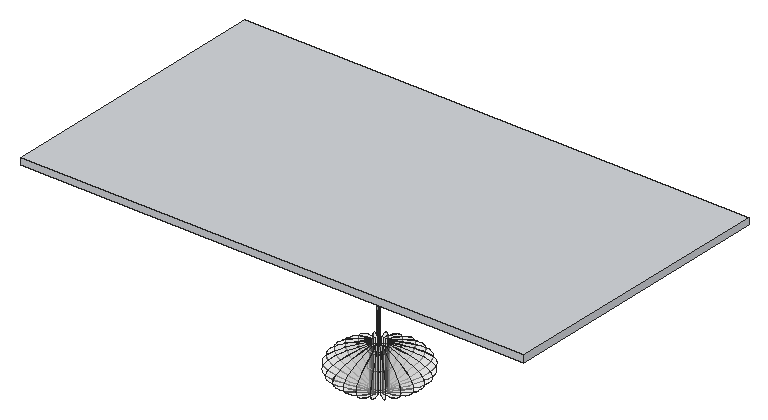
Revit family "Contour - Roundover Large", category Lighting Fixtures, host Face, Revit 2014 (continued)
Forms (in)
  Extrusion 45, solid, material "1/8" VARIA" <- "Shade", not visible, detail levels medium+fine
    sketch origin (0, 0.58355, -50) x (0, 0, 1) y (0, -1, 0)
      loop
        arc (3.57967, 7.38644) -> (2.84351, 9.61297) -> (2.03145, 11.81297) r 68.39599
        arc (2.03145, 11.81297) -> (1.2415, 13.69461) -> (0.35214, 15.53137) r 38.18262
        arc (0.35214, 15.53137) -> (-0.43007, 16.88035) -> (-1.33751, 18.14848) r 16.31199
        arc (-1.33751, 18.14848) -> (-1.96355, 18.83096) -> (-2.67398, 19.42508) r 7.01979
        arc (-2.67398, 19.42508) -> (-4.42257, 19.99564) -> (-6.17139, 19.42578) r 2.96657
        arc (-6.17139, 19.42578) -> (-6.77662, 18.92563) -> (-7.31772, 18.35672) r 6.55644
        arc (-7.31772, 18.35672) -> (-8.41521, 16.87699) -> (-9.32057, 15.2725) r 14.81578
        arc (-9.32057, 15.2725) -> (-10.4861, 12.77867) -> (-11.47029, 10.20786) r 38.46623
        arc (-11.47029, 10.20786) -> (-12.00594, 8.65554) -> (-12.50528, 7.09116) r 70.47991
        arc (-12.50528, 7.09116) -> (-12.80844, 6.14056) -> (-13.08851, 5.18292) r 41.23486
        arc (-13.08851, 5.18292) -> (-13.23601, 4.66111) -> (-13.3867, 4.14021) r 88.54263
        arc (-13.3867, 4.14021) -> (-13.38633, 4.04988) -> (-13.35319, 3.96585) r 0.24447
        line (-13.35319, 3.96585) -> (4.54113, 3.96585)
        arc (4.54113, 3.96585) -> (4.55282, 4.06417) -> (4.54113, 4.16249) r 0.41938
    from 0.0625 to -0.0625
  Extrusion 46, solid, material "1/8" VARIA" <- "Shade", not visible, detail levels medium+fine
    sketch origin (0.15103, 0.56366, -50) x (0, 0, 1) y (-0.258819, -0.965926, 0)
      loop
        arc (4.54113, 4.16249) -> (4.07932, 5.7801) -> (3.57967, 7.38644) r 71.68602
        arc (3.57967, 7.38644) -> (2.84351, 9.61297) -> (2.03145, 11.81297) r 68.39599
        arc (2.03145, 11.81297) -> (1.2415, 13.69461) -> (0.35214, 15.53137) r 38.18262
        arc (0.35214, 15.53137) -> (-0.43007, 16.88035) -> (-1.33751, 18.14848) r 16.31199
        arc (-1.33751, 18.14848) -> (-1.96355, 18.83096) -> (-2.67398, 19.42508) r 7.01979
        arc (-2.67398, 19.42508) -> (-4.42257, 19.99564) -> (-6.17139, 19.42578) r 2.96657
        arc (-6.17139, 19.42578) -> (-6.77662, 18.92563) -> (-7.31772, 18.35672) r 6.55644
        arc (-7.31772, 18.35672) -> (-8.41521, 16.87699) -> (-9.32057, 15.2725) r 14.81578
        arc (-9.32057, 15.2725) -> (-10.4861, 12.77867) -> (-11.47029, 10.20786) r 38.46623
        arc (-11.47029, 10.20786) -> (-12.00594, 8.65554) -> (-12.50528, 7.09116) r 70.47991
        arc (-12.50528, 7.09116) -> (-12.80844, 6.14056) -> (-13.08851, 5.18292) r 41.23486
        arc (-13.08851, 5.18292) -> (-13.23601, 4.66111) -> (-13.3867, 4.14021) r 88.54263
        arc (-13.3867, 4.14021) -> (-13.38633, 4.04988) -> (-13.35319, 3.96585) r 0.24447
        line (-13.35319, 3.96585) -> (4.54113, 3.96585)
        arc (4.54113, 3.96585) -> (4.55282, 4.06417) -> (4.54113, 4.16249) r 0.41938
    from 0.0625 to -0.0625
  Extrusion 47, solid, material "1/8" VARIA" <- "Shade", not visible, detail levels medium+fine
    sketch origin (0.29177, 0.50537, -50) x (0, 0, 1) y (-0.5, -0.866025, 0)
      loop
        arc (4.54113, 4.16249) -> (4.07932, 5.7801) -> (3.57967, 7.38644) r 71.68602
        arc (3.57967, 7.38644) -> (2.84351, 9.61297) -> (2.03145, 11.81297) r 68.39599
        arc (2.03145, 11.81297) -> (1.2415, 13.69461) -> (0.35214, 15.53137) r 38.18262
        arc (0.35214, 15.53137) -> (-0.43007, 16.88035) -> (-1.33751, 18.14848) r 16.31199
        arc (-1.33751, 18.14848) -> (-1.96355, 18.83096) -> (-2.67398, 19.42508) r 7.01979
        arc (-2.67398, 19.42508) -> (-4.42257, 19.99564) -> (-6.17139, 19.42578) r 2.96657
        arc (-6.17139, 19.42578) -> (-6.77662, 18.92563) -> (-7.31772, 18.35672) r 6.55644
        arc (-7.31772, 18.35672) -> (-8.41521, 16.87699) -> (-9.32057, 15.2725) r 14.81578
        arc (-9.32057, 15.2725) -> (-10.4861, 12.77867) -> (-11.47029, 10.20786) r 38.46623
        arc (-11.47029, 10.20786) -> (-12.00594, 8.65554) -> (-12.50528, 7.09116) r 70.47991
        arc (-12.50528, 7.09116) -> (-12.80844, 6.14056) -> (-13.08851, 5.18292) r 41.23486
        arc (-13.08851, 5.18292) -> (-13.23601, 4.66111) -> (-13.3867, 4.14021) r 88.54263
        arc (-13.3867, 4.14021) -> (-13.38633, 4.04988) -> (-13.35319, 3.96585) r 0.24447
        line (-13.35319, 3.96585) -> (4.54113, 3.96585)
        arc (4.54113, 3.96585) -> (4.55282, 4.06417) -> (4.54113, 4.16249) r 0.41938
    from 0.0625 to -0.0625
  Extrusion 48, solid, material "1/8" VARIA" <- "Shade", not visible, detail levels medium+fine
    sketch origin (0.41263, 0.41263, -50) x (0, 0, 1) y (-0.707107, -0.707107, 0)
      loop
        arc (4.54113, 4.16249) -> (4.07932, 5.7801) -> (3.57967, 7.38644) r 71.68602
        arc (3.57967, 7.38644) -> (2.84351, 9.61297) -> (2.03145, 11.81297) r 68.39599
        arc (2.03145, 11.81297) -> (1.2415, 13.69461) -> (0.35214, 15.53137) r 38.18262
        arc (0.35214, 15.53137) -> (-0.43007, 16.88035) -> (-1.33751, 18.14848) r 16.31199
        arc (-1.33751, 18.14848) -> (-1.96355, 18.83096) -> (-2.67398, 19.42508) r 7.01979
        arc (-2.67398, 19.42508) -> (-4.42257, 19.99564) -> (-6.17139, 19.42578) r 2.96657
        arc (-6.17139, 19.42578) -> (-6.77662, 18.92563) -> (-7.31772, 18.35672) r 6.55644
        arc (-7.31772, 18.35672) -> (-8.41521, 16.87699) -> (-9.32057, 15.2725) r 14.81578
        arc (-9.32057, 15.2725) -> (-10.4861, 12.77867) -> (-11.47029, 10.20786) r 38.46623
        arc (-11.47029, 10.20786) -> (-12.00594, 8.65554) -> (-12.50528, 7.09116) r 70.47991
        arc (-12.50528, 7.09116) -> (-12.80844, 6.14056) -> (-13.08851, 5.18292) r 41.23486
        arc (-13.08851, 5.18292) -> (-13.23601, 4.66111) -> (-13.3867, 4.14021) r 88.54263
        arc (-13.3867, 4.14021) -> (-13.38633, 4.04988) -> (-13.35319, 3.96585) r 0.24447
        line (-13.35319, 3.96585) -> (4.54113, 3.96585)
        arc (4.54113, 3.96585) -> (4.55282, 4.06417) -> (4.54113, 4.16249) r 0.41938
    from 0.0625 to -0.0625
  Extrusion 49, solid, material "1/8" VARIA" <- "Shade", not visible, detail levels medium+fine
    sketch origin (0.50537, 0.29177, -50) x (0, 0, 1) y (-0.866025, -0.5, 0)
      loop
        arc (4.54113, 4.16249) -> (4.07932, 5.7801) -> (3.57967, 7.38644) r 71.68602
        arc (3.57967, 7.38644) -> (2.84351, 9.61297) -> (2.03145, 11.81297) r 68.39599
        arc (2.03145, 11.81297) -> (1.2415, 13.69461) -> (0.35214, 15.53137) r 38.18262
        arc (0.35214, 15.53137) -> (-0.43007, 16.88035) -> (-1.33751, 18.14848) r 16.31199
        arc (-1.33751, 18.14848) -> (-1.96355, 18.83096) -> (-2.67398, 19.42508) r 7.01979
        arc (-2.67398, 19.42508) -> (-4.42257, 19.99564) -> (-6.17139, 19.42578) r 2.96657
        arc (-6.17139, 19.42578) -> (-6.77662, 18.92563) -> (-7.31772, 18.35672) r 6.55644
        arc (-7.31772, 18.35672) -> (-8.41521, 16.87699) -> (-9.32057, 15.2725) r 14.81578
        arc (-9.32057, 15.2725) -> (-10.4861, 12.77867) -> (-11.47029, 10.20786) r 38.46623
        arc (-11.47029, 10.20786) -> (-12.00594, 8.65554) -> (-12.50528, 7.09116) r 70.47991
        arc (-12.50528, 7.09116) -> (-12.80844, 6.14056) -> (-13.08851, 5.18292) r 41.23486
        arc (-13.08851, 5.18292) -> (-13.23601, 4.66111) -> (-13.3867, 4.14021) r 88.54263
        arc (-13.3867, 4.14021) -> (-13.38633, 4.04988) -> (-13.35319, 3.96585) r 0.24447
        line (-13.35319, 3.96585) -> (4.54113, 3.96585)
        arc (4.54113, 3.96585) -> (4.55282, 4.06417) -> (4.54113, 4.16249) r 0.41938
    from 0.0625 to -0.0625
  Extrusion 50, solid, material "1/8" VARIA" <- "Shade", not visible, detail levels medium+fine
    sketch origin (0.56366, 0.15103, -50) x (0, 0, 1) y (-0.965926, -0.258819, 0)
      loop
        arc (4.54113, 4.16249) -> (4.07932, 5.7801) -> (3.57967, 7.38644) r 71.68602
        arc (3.57967, 7.38644) -> (2.84351, 9.61297) -> (2.03145, 11.81297) r 68.39599
        arc (2.03145, 11.81297) -> (1.2415, 13.69461) -> (0.35214, 15.53137) r 38.18262
        arc (0.35214, 15.53137) -> (-0.43007, 16.88035) -> (-1.33751, 18.14848) r 16.31199
        arc (-1.33751, 18.14848) -> (-1.96355, 18.83096) -> (-2.67398, 19.42508) r 7.01979
        arc (-2.67398, 19.42508) -> (-4.42257, 19.99564) -> (-6.17139, 19.42578) r 2.96657
        arc (-6.17139, 19.42578) -> (-6.77662, 18.92563) -> (-7.31772, 18.35672) r 6.55644
        arc (-7.31772, 18.35672) -> (-8.41521, 16.87699) -> (-9.32057, 15.2725) r 14.81578
        arc (-9.32057, 15.2725) -> (-10.4861, 12.77867) -> (-11.47029, 10.20786) r 38.46623
        arc (-11.47029, 10.20786) -> (-12.00594, 8.65554) -> (-12.50528, 7.09116) r 70.47991
        arc (-12.50528, 7.09116) -> (-12.80844, 6.14056) -> (-13.08851, 5.18292) r 41.23486
        arc (-13.08851, 5.18292) -> (-13.23601, 4.66111) -> (-13.3867, 4.14021) r 88.54263
        arc (-13.3867, 4.14021) -> (-13.38633, 4.04988) -> (-13.35319, 3.96585) r 0.24447
        line (-13.35319, 3.96585) -> (4.54113, 3.96585)
        arc (4.54113, 3.96585) -> (4.55282, 4.06417) -> (4.54113, 4.16249) r 0.41938
    from 0.0625 to -0.0625
  Extrusion 51, solid, material "1/8" VARIA" <- "Shade", not visible, detail levels medium+fine
    sketch origin (0.58355, 0, -50) x (0, 0, 1) y (-1, 0, 0)
      loop
        arc (4.54113, 4.16249) -> (4.07932, 5.7801) -> (3.57967, 7.38644) r 71.68602
        arc (3.57967, 7.38644) -> (2.84351, 9.61297) -> (2.03145, 11.81297) r 68.39599
        arc (2.03145, 11.81297) -> (1.2415, 13.69461) -> (0.35214, 15.53137) r 38.18262
        arc (0.35214, 15.53137) -> (-0.43007, 16.88035) -> (-1.33751, 18.14848) r 16.31199
        arc (-1.33751, 18.14848) -> (-1.96355, 18.83096) -> (-2.67398, 19.42508) r 7.01979
        arc (-2.67398, 19.42508) -> (-4.42257, 19.99564) -> (-6.17139, 19.42578) r 2.96657
        arc (-6.17139, 19.42578) -> (-6.77662, 18.92563) -> (-7.31772, 18.35672) r 6.55644
        arc (-7.31772, 18.35672) -> (-8.41521, 16.87699) -> (-9.32057, 15.2725) r 14.81578
        arc (-9.32057, 15.2725) -> (-10.4861, 12.77867) -> (-11.47029, 10.20786) r 38.46623
        arc (-11.47029, 10.20786) -> (-12.00594, 8.65554) -> (-12.50528, 7.09116) r 70.47991
        arc (-12.50528, 7.09116) -> (-12.80844, 6.14056) -> (-13.08851, 5.18292) r 41.23486
        arc (-13.08851, 5.18292) -> (-13.23601, 4.66111) -> (-13.3867, 4.14021) r 88.54263
        arc (-13.3867, 4.14021) -> (-13.38633, 4.04988) -> (-13.35319, 3.96585) r 0.24447
        line (-13.35319, 3.96585) -> (4.54113, 3.96585)
        arc (4.54113, 3.96585) -> (4.55282, 4.06417) -> (4.54113, 4.16249) r 0.41938
    from 0.0625 to -0.0625
  Extrusion 52, solid, material "1/8" VARIA" <- "Shade", not visible, detail levels medium+fine
    sketch origin (0.56366, -0.15103, -50) x (0, 0, 1) y (-0.965926, 0.258819, 0)
      loop
        arc (4.54113, 4.16249) -> (4.07932, 5.7801) -> (3.57967, 7.38644) r 71.68602
        arc (3.57967, 7.38644) -> (2.84351, 9.61297) -> (2.03145, 11.81297) r 68.39599
        arc (2.03145, 11.81297) -> (1.2415, 13.69461) -> (0.35214, 15.53137) r 38.18262
        arc (0.35214, 15.53137) -> (-0.43007, 16.88035) -> (-1.33751, 18.14848) r 16.31199
        arc (-1.33751, 18.14848) -> (-1.96355, 18.83096) -> (-2.67398, 19.42508) r 7.01979
        arc (-2.67398, 19.42508) -> (-4.42257, 19.99564) -> (-6.17139, 19.42578) r 2.96657
        arc (-6.17139, 19.42578) -> (-6.77662, 18.92563) -> (-7.31772, 18.35672) r 6.55644
        arc (-7.31772, 18.35672) -> (-8.41521, 16.87699) -> (-9.32057, 15.2725) r 14.81578
        arc (-9.32057, 15.2725) -> (-10.4861, 12.77867) -> (-11.47029, 10.20786) r 38.46623
        arc (-11.47029, 10.20786) -> (-12.00594, 8.65554) -> (-12.50528, 7.09116) r 70.47991
        arc (-12.50528, 7.09116) -> (-12.80844, 6.14056) -> (-13.08851, 5.18292) r 41.23486
        arc (-13.08851, 5.18292) -> (-13.23601, 4.66111) -> (-13.3867, 4.14021) r 88.54263
        arc (-13.3867, 4.14021) -> (-13.38633, 4.04988) -> (-13.35319, 3.96585) r 0.24447
        line (-13.35319, 3.96585) -> (4.54113, 3.96585)
        arc (4.54113, 3.96585) -> (4.55282, 4.06417) -> (4.54113, 4.16249) r 0.41938
    from 0.0625 to -0.0625
  Extrusion 53, solid, material "1/8" VARIA" <- "Shade", not visible, detail levels medium+fine
    sketch origin (0.50537, -0.29177, -50) x (0, 0, 1) y (-0.866025, 0.5, 0)
      loop
        arc (4.54113, 4.16249) -> (4.07932, 5.7801) -> (3.57967, 7.38644) r 71.68602
        arc (3.57967, 7.38644) -> (2.84351, 9.61297) -> (2.03145, 11.81297) r 68.39599
        arc (2.03145, 11.81297) -> (1.2415, 13.69461) -> (0.35214, 15.53137) r 38.18262
        arc (0.35214, 15.53137) -> (-0.43007, 16.88035) -> (-1.33751, 18.14848) r 16.31199
        arc (-1.33751, 18.14848) -> (-1.96355, 18.83096) -> (-2.67398, 19.42508) r 7.01979
        arc (-2.67398, 19.42508) -> (-4.42257, 19.99564) -> (-6.17139, 19.42578) r 2.96657
        arc (-6.17139, 19.42578) -> (-6.77662, 18.92563) -> (-7.31772, 18.35672) r 6.55644
        arc (-7.31772, 18.35672) -> (-8.41521, 16.87699) -> (-9.32057, 15.2725) r 14.81578
        arc (-9.32057, 15.2725) -> (-10.4861, 12.77867) -> (-11.47029, 10.20786) r 38.46623
        arc (-11.47029, 10.20786) -> (-12.00594, 8.65554) -> (-12.50528, 7.09116) r 70.47991
        arc (-12.50528, 7.09116) -> (-12.80844, 6.14056) -> (-13.08851, 5.18292) r 41.23486
        arc (-13.08851, 5.18292) -> (-13.23601, 4.66111) -> (-13.3867, 4.14021) r 88.54263
        arc (-13.3867, 4.14021) -> (-13.38633, 4.04988) -> (-13.35319, 3.96585) r 0.24447
        line (-13.35319, 3.96585) -> (4.54113, 3.96585)
        arc (4.54113, 3.96585) -> (4.55282, 4.06417) -> (4.54113, 4.16249) r 0.41938
    from 0.0625 to -0.0625
  Extrusion 54, solid, material "1/8" VARIA" <- "Shade", not visible, detail levels medium+fine
    sketch origin (0.41263, -0.41263, -50) x (0, 0, 1) y (-0.707107, 0.707107, 0)
      loop
        arc (4.54113, 4.16249) -> (4.07932, 5.7801) -> (3.57967, 7.38644) r 71.68602
        arc (3.57967, 7.38644) -> (2.84351, 9.61297) -> (2.03145, 11.81297) r 68.39599
        arc (2.03145, 11.81297) -> (1.2415, 13.69461) -> (0.35214, 15.53137) r 38.18262
        arc (0.35214, 15.53137) -> (-0.43007, 16.88035) -> (-1.33751, 18.14848) r 16.31199
        arc (-1.33751, 18.14848) -> (-1.96355, 18.83096) -> (-2.67398, 19.42508) r 7.01979
        arc (-2.67398, 19.42508) -> (-4.42257, 19.99564) -> (-6.17139, 19.42578) r 2.96657
        arc (-6.17139, 19.42578) -> (-6.77662, 18.92563) -> (-7.31772, 18.35672) r 6.55644
        arc (-7.31772, 18.35672) -> (-8.41521, 16.87699) -> (-9.32057, 15.2725) r 14.81578
        arc (-9.32057, 15.2725) -> (-10.4861, 12.77867) -> (-11.47029, 10.20786) r 38.46623
        arc (-11.47029, 10.20786) -> (-12.00594, 8.65554) -> (-12.50528, 7.09116) r 70.47991
        arc (-12.50528, 7.09116) -> (-12.80844, 6.14056) -> (-13.08851, 5.18292) r 41.23486
        arc (-13.08851, 5.18292) -> (-13.23601, 4.66111) -> (-13.3867, 4.14021) r 88.54263
        arc (-13.3867, 4.14021) -> (-13.38633, 4.04988) -> (-13.35319, 3.96585) r 0.24447
        line (-13.35319, 3.96585) -> (4.54113, 3.96585)
        arc (4.54113, 3.96585) -> (4.55282, 4.06417) -> (4.54113, 4.16249) r 0.41938
    from 0.0625 to -0.0625
  Extrusion 55, solid, material "1/8" VARIA" <- "Shade", not visible, detail levels medium+fine
    sketch origin (0.29177, -0.50537, -50) x (0, 0, 1) y (-0.5, 0.866025, 0)
      loop
        arc (4.54113, 4.16249) -> (4.07932, 5.7801) -> (3.57967, 7.38644) r 71.68602
        arc (3.57967, 7.38644) -> (2.84351, 9.61297) -> (2.03145, 11.81297) r 68.39599
        arc (2.03145, 11.81297) -> (1.2415, 13.69461) -> (0.35214, 15.53137) r 38.18262
        arc (0.35214, 15.53137) -> (-0.43007, 16.88035) -> (-1.33751, 18.14848) r 16.31199
        arc (-1.33751, 18.14848) -> (-1.96355, 18.83096) -> (-2.67398, 19.42508) r 7.01979
        arc (-2.67398, 19.42508) -> (-4.42257, 19.99564) -> (-6.17139, 19.42578) r 2.96657
        arc (-6.17139, 19.42578) -> (-6.77662, 18.92563) -> (-7.31772, 18.35672) r 6.55644
        arc (-7.31772, 18.35672) -> (-8.41521, 16.87699) -> (-9.32057, 15.2725) r 14.81578
        arc (-9.32057, 15.2725) -> (-10.4861, 12.77867) -> (-11.47029, 10.20786) r 38.46623
        arc (-11.47029, 10.20786) -> (-12.00594, 8.65554) -> (-12.50528, 7.09116) r 70.47991
        arc (-12.50528, 7.09116) -> (-12.80844, 6.14056) -> (-13.08851, 5.18292) r 41.23486
        arc (-13.08851, 5.18292) -> (-13.23601, 4.66111) -> (-13.3867, 4.14021) r 88.54263
        arc (-13.3867, 4.14021) -> (-13.38633, 4.04988) -> (-13.35319, 3.96585) r 0.24447
        line (-13.35319, 3.96585) -> (4.54113, 3.96585)
        arc (4.54113, 3.96585) -> (4.55282, 4.06417) -> (4.54113, 4.16249) r 0.41938
    from 0.0625 to -0.0625
  Extrusion 56, solid, material "1/8" VARIA" <- "Shade", not visible, detail levels medium+fine
    sketch origin (0.15103, -0.56366, -50) x (0, 0, 1) y (-0.258819, 0.965926, 0)
      loop
        arc (4.54113, 4.16249) -> (4.07932, 5.7801) -> (3.57967, 7.38644) r 71.68602
        arc (3.57967, 7.38644) -> (2.84351, 9.61297) -> (2.03145, 11.81297) r 68.39599
        arc (2.03145, 11.81297) -> (1.2415, 13.69461) -> (0.35214, 15.53137) r 38.18262
        arc (0.35214, 15.53137) -> (-0.43007, 16.88035) -> (-1.33751, 18.14848) r 16.31199
        arc (-1.33751, 18.14848) -> (-1.96355, 18.83096) -> (-2.67398, 19.42508) r 7.01979
        arc (-2.67398, 19.42508) -> (-4.42257, 19.99564) -> (-6.17139, 19.42578) r 2.96657
        arc (-6.17139, 19.42578) -> (-6.77662, 18.92563) -> (-7.31772, 18.35672) r 6.55644
        arc (-7.31772, 18.35672) -> (-8.41521, 16.87699) -> (-9.32057, 15.2725) r 14.81578
        arc (-9.32057, 15.2725) -> (-10.4861, 12.77867) -> (-11.47029, 10.20786) r 38.46623
        arc (-11.47029, 10.20786) -> (-12.00594, 8.65554) -> (-12.50528, 7.09116) r 70.47991
        arc (-12.50528, 7.09116) -> (-12.80844, 6.14056) -> (-13.08851, 5.18292) r 41.23486
        arc (-13.08851, 5.18292) -> (-13.23601, 4.66111) -> (-13.3867, 4.14021) r 88.54263
        arc (-13.3867, 4.14021) -> (-13.38633, 4.04988) -> (-13.35319, 3.96585) r 0.24447
        line (-13.35319, 3.96585) -> (4.54113, 3.96585)
        arc (4.54113, 3.96585) -> (4.55282, 4.06417) -> (4.54113, 4.16249) r 0.41938
    from 0.0625 to -0.0625
  Extrusion 57, solid, material "1/8" VARIA" <- "Shade", not visible, detail levels medium+fine
    sketch origin (0, -0.58355, -50) x (0, 0, 1) y (0, 1, 0)
      loop
        arc (4.54113, 4.16249) -> (4.07932, 5.7801) -> (3.57967, 7.38644) r 71.68602
        arc (3.57967, 7.38644) -> (2.84351, 9.61297) -> (2.03145, 11.81297) r 68.39599
        arc (2.03145, 11.81297) -> (1.2415, 13.69461) -> (0.35214, 15.53137) r 38.18262
        arc (0.35214, 15.53137) -> (-0.43007, 16.88035) -> (-1.33751, 18.14848) r 16.31199
        arc (-1.33751, 18.14848) -> (-1.96355, 18.83096) -> (-2.67398, 19.42508) r 7.01979
        arc (-2.67398, 19.42508) -> (-4.42257, 19.99564) -> (-6.17139, 19.42578) r 2.96657
        arc (-6.17139, 19.42578) -> (-6.77662, 18.92563) -> (-7.31772, 18.35672) r 6.55644
        arc (-7.31772, 18.35672) -> (-8.41521, 16.87699) -> (-9.32057, 15.2725) r 14.81578
        arc (-9.32057, 15.2725) -> (-10.4861, 12.77867) -> (-11.47029, 10.20786) r 38.46623
        arc (-11.47029, 10.20786) -> (-12.00594, 8.65554) -> (-12.50528, 7.09116) r 70.47991
        arc (-12.50528, 7.09116) -> (-12.80844, 6.14056) -> (-13.08851, 5.18292) r 41.23486
        arc (-13.08851, 5.18292) -> (-13.23601, 4.66111) -> (-13.3867, 4.14021) r 88.54263
        arc (-13.3867, 4.14021) -> (-13.38633, 4.04988) -> (-13.35319, 3.96585) r 0.24447
        line (-13.35319, 3.96585) -> (4.54113, 3.96585)
        arc (4.54113, 3.96585) -> (4.55282, 4.06417) -> (4.54113, 4.16249) r 0.41938
    from 0.0625 to -0.0625
  Extrusion 58, solid, material "1/8" VARIA" <- "Shade", not visible, detail levels medium+fine
    sketch origin (-0.15103, -0.56366, -50) x (0, 0, 1) y (0.258819, 0.965926, 0)
      loop
        arc (4.54113, 4.16249) -> (4.07932, 5.7801) -> (3.57967, 7.38644) r 71.68602
        arc (3.57967, 7.38644) -> (2.84351, 9.61297) -> (2.03145, 11.81297) r 68.39599
        arc (2.03145, 11.81297) -> (1.2415, 13.69461) -> (0.35214, 15.53137) r 38.18262
        arc (0.35214, 15.53137) -> (-0.43007, 16.88035) -> (-1.33751, 18.14848) r 16.31199
        arc (-1.33751, 18.14848) -> (-1.96355, 18.83096) -> (-2.67398, 19.42508) r 7.01979
        arc (-2.67398, 19.42508) -> (-4.42257, 19.99564) -> (-6.17139, 19.42578) r 2.96657
        arc (-6.17139, 19.42578) -> (-6.77662, 18.92563) -> (-7.31772, 18.35672) r 6.55644
        arc (-7.31772, 18.35672) -> (-8.41521, 16.87699) -> (-9.32057, 15.2725) r 14.81578
        arc (-9.32057, 15.2725) -> (-10.4861, 12.77867) -> (-11.47029, 10.20786) r 38.46623
        arc (-11.47029, 10.20786) -> (-12.00594, 8.65554) -> (-12.50528, 7.09116) r 70.47991
        arc (-12.50528, 7.09116) -> (-12.80844, 6.14056) -> (-13.08851, 5.18292) r 41.23486
        arc (-13.08851, 5.18292) -> (-13.23601, 4.66111) -> (-13.3867, 4.14021) r 88.54263
        arc (-13.3867, 4.14021) -> (-13.38633, 4.04988) -> (-13.35319, 3.96585) r 0.24447
        line (-13.35319, 3.96585) -> (4.54113, 3.96585)
        arc (4.54113, 3.96585) -> (4.55282, 4.06417) -> (4.54113, 4.16249) r 0.41938
    from 0.0625 to -0.0625
  Extrusion 59, solid, material "1/8" VARIA" <- "Shade", not visible, detail levels medium+fine
    sketch origin (-0.29177, -0.50537, -50) x (0, 0, 1) y (0.5, 0.866025, 0)
      loop
        arc (4.54113, 4.16249) -> (4.07932, 5.7801) -> (3.57967, 7.38644) r 71.68602
        arc (3.57967, 7.38644) -> (2.84351, 9.61297) -> (2.03145, 11.81297) r 68.39599
        arc (2.03145, 11.81297) -> (1.2415, 13.69461) -> (0.35214, 15.53137) r 38.18262
        arc (0.35214, 15.53137) -> (-0.43007, 16.88035) -> (-1.33751, 18.14848) r 16.31199
        arc (-1.33751, 18.14848) -> (-1.96355, 18.83096) -> (-2.67398, 19.42508) r 7.01979
        arc (-2.67398, 19.42508) -> (-4.42257, 19.99564) -> (-6.17139, 19.42578) r 2.96657
        arc (-6.17139, 19.42578) -> (-6.77662, 18.92563) -> (-7.31772, 18.35672) r 6.55644
        arc (-7.31772, 18.35672) -> (-8.41521, 16.87699) -> (-9.32057, 15.2725) r 14.81578
        arc (-9.32057, 15.2725) -> (-10.4861, 12.77867) -> (-11.47029, 10.20786) r 38.46623
        arc (-11.47029, 10.20786) -> (-12.00594, 8.65554) -> (-12.50528, 7.09116) r 70.47991
        arc (-12.50528, 7.09116) -> (-12.80844, 6.14056) -> (-13.08851, 5.18292) r 41.23486
        arc (-13.08851, 5.18292) -> (-13.23601, 4.66111) -> (-13.3867, 4.14021) r 88.54263
        arc (-13.3867, 4.14021) -> (-13.38633, 4.04988) -> (-13.35319, 3.96585) r 0.24447
        line (-13.35319, 3.96585) -> (4.54113, 3.96585)
        arc (4.54113, 3.96585) -> (4.55282, 4.06417) -> (4.54113, 4.16249) r 0.41938
    from 0.0625 to -0.0625
  Extrusion 60, solid, material "1/8" VARIA" <- "Shade", not visible, detail levels medium+fine
    sketch origin (-0.41263, -0.41263, -50) x (0, 0, 1) y (0.707107, 0.707107, 0)
      loop
        arc (4.54113, 4.16249) -> (4.07932, 5.7801) -> (3.57967, 7.38644) r 71.68602
        arc (3.57967, 7.38644) -> (2.84351, 9.61297) -> (2.03145, 11.81297) r 68.39599
        arc (2.03145, 11.81297) -> (1.2415, 13.69461) -> (0.35214, 15.53137) r 38.18262
        arc (0.35214, 15.53137) -> (-0.43007, 16.88035) -> (-1.33751, 18.14848) r 16.31199
        arc (-1.33751, 18.14848) -> (-1.96355, 18.83096) -> (-2.67398, 19.42508) r 7.01979
        arc (-2.67398, 19.42508) -> (-4.42257, 19.99564) -> (-6.17139, 19.42578) r 2.96657
        arc (-6.17139, 19.42578) -> (-6.77662, 18.92563) -> (-7.31772, 18.35672) r 6.55644
        arc (-7.31772, 18.35672) -> (-8.41521, 16.87699) -> (-9.32057, 15.2725) r 14.81578
        arc (-9.32057, 15.2725) -> (-10.4861, 12.77867) -> (-11.47029, 10.20786) r 38.46623
        arc (-11.47029, 10.20786) -> (-12.00594, 8.65554) -> (-12.50528, 7.09116) r 70.47991
        arc (-12.50528, 7.09116) -> (-12.80844, 6.14056) -> (-13.08851, 5.18292) r 41.23486
        arc (-13.08851, 5.18292) -> (-13.23601, 4.66111) -> (-13.3867, 4.14021) r 88.54263
        arc (-13.3867, 4.14021) -> (-13.38633, 4.04988) -> (-13.35319, 3.96585) r 0.24447
        line (-13.35319, 3.96585) -> (4.54113, 3.96585)
        arc (4.54113, 3.96585) -> (4.55282, 4.06417) -> (4.54113, 4.16249) r 0.41938
    from 0.0625 to -0.0625
  Extrusion 61, solid, material "1/8" VARIA" <- "Shade", not visible, detail levels medium+fine
    sketch origin (-0.50537, -0.29177, -50) x (0, 0, 1) y (0.866025, 0.5, 0)
      loop
        arc (4.54113, 4.16249) -> (4.07932, 5.7801) -> (3.57967, 7.38644) r 71.68602
        arc (3.57967, 7.38644) -> (2.84351, 9.61297) -> (2.03145, 11.81297) r 68.39599
        arc (2.03145, 11.81297) -> (1.2415, 13.69461) -> (0.35214, 15.53137) r 38.18262
        arc (0.35214, 15.53137) -> (-0.43007, 16.88035) -> (-1.33751, 18.14848) r 16.31199
        arc (-1.33751, 18.14848) -> (-1.96355, 18.83096) -> (-2.67398, 19.42508) r 7.01979
        arc (-2.67398, 19.42508) -> (-4.42257, 19.99564) -> (-6.17139, 19.42578) r 2.96657
        arc (-6.17139, 19.42578) -> (-6.77662, 18.92563) -> (-7.31772, 18.35672) r 6.55644
        arc (-7.31772, 18.35672) -> (-8.41521, 16.87699) -> (-9.32057, 15.2725) r 14.81578
        arc (-9.32057, 15.2725) -> (-10.4861, 12.77867) -> (-11.47029, 10.20786) r 38.46623
        arc (-11.47029, 10.20786) -> (-12.00594, 8.65554) -> (-12.50528, 7.09116) r 70.47991
        arc (-12.50528, 7.09116) -> (-12.80844, 6.14056) -> (-13.08851, 5.18292) r 41.23486
        arc (-13.08851, 5.18292) -> (-13.23601, 4.66111) -> (-13.3867, 4.14021) r 88.54263
        arc (-13.3867, 4.14021) -> (-13.38633, 4.04988) -> (-13.35319, 3.96585) r 0.24447
        line (-13.35319, 3.96585) -> (4.54113, 3.96585)
        arc (4.54113, 3.96585) -> (4.55282, 4.06417) -> (4.54113, 4.16249) r 0.41938
    from 0.0625 to -0.0625
  Extrusion 62, solid, material "1/8" VARIA" <- "Shade", not visible, detail levels medium+fine
    sketch origin (-0.56366, -0.15103, -50) x (0, 0, 1) y (0.965926, 0.258819, 0)
      loop
        arc (4.54113, 4.16249) -> (4.07932, 5.7801) -> (3.57967, 7.38644) r 71.68602
        arc (3.57967, 7.38644) -> (2.84351, 9.61297) -> (2.03145, 11.81297) r 68.39599
        arc (2.03145, 11.81297) -> (1.2415, 13.69461) -> (0.35214, 15.53137) r 38.18262
        arc (0.35214, 15.53137) -> (-0.43007, 16.88035) -> (-1.33751, 18.14848) r 16.31199
        arc (-1.33751, 18.14848) -> (-1.96355, 18.83096) -> (-2.67398, 19.42508) r 7.01979
        arc (-2.67398, 19.42508) -> (-4.42257, 19.99564) -> (-6.17139, 19.42578) r 2.96657
        arc (-6.17139, 19.42578) -> (-6.77662, 18.92563) -> (-7.31772, 18.35672) r 6.55644
        arc (-7.31772, 18.35672) -> (-8.41521, 16.87699) -> (-9.32057, 15.2725) r 14.81578
        arc (-9.32057, 15.2725) -> (-10.4861, 12.77867) -> (-11.47029, 10.20786) r 38.46623
        arc (-11.47029, 10.20786) -> (-12.00594, 8.65554) -> (-12.50528, 7.09116) r 70.47991
        arc (-12.50528, 7.09116) -> (-12.80844, 6.14056) -> (-13.08851, 5.18292) r 41.23486
        arc (-13.08851, 5.18292) -> (-13.23601, 4.66111) -> (-13.3867, 4.14021) r 88.54263
        arc (-13.3867, 4.14021) -> (-13.38633, 4.04988) -> (-13.35319, 3.96585) r 0.24447
        line (-13.35319, 3.96585) -> (4.54113, 3.96585)
        arc (4.54113, 3.96585) -> (4.55282, 4.06417) -> (4.54113, 4.16249) r 0.41938
    from 0.0625 to -0.0625
Dimensions and locks (in)
  plane 5 to plane 4 "Light Source Elevation" = 2"
  plane 2 "Ceiling" to plane 5 = 60"
  "Adjustable Suspension Height": Extrusion 1 to plane 5
  locked: plane 5 to plane 6 at 0.125
  locked: plane 7 to plane 5 at 2.54359
  "Height": plane 7 to plane 8
  Extrusion 4 to plane 9 = 1/8"
  locked: plane 9 to plane 8 at 1.05962
  locked: Extrusion 4 to Extrusion 4 at 0.125
  aligned and locked: plane 4 "Light Source Elevation" to imposter light
  aligned and locked: plane 3 "Light Source Axis (L/R)" to nested 1
  aligned and locked: nested 1 to plane 5
  aligned and locked: Extrusion 6 to Extrusion 4
  aligned and locked: Extrusion 36 to Extrusion 34
  aligned and locked: plane 9 to Extrusion 4  (x2)
  aligned and locked: plane 10 to Extrusion 34  (x2)
  aligned and locked: nested 2 to Extrusion 1
Automatic sketch dimensions
  Extrusion 1 sketch curve to Extrusion 1 sketch curve = 215.94313"
  Extrusion 1 sketch curve to Extrusion 1 sketch curve = 120"
  Sweep 2 sketch curve to profile plane = 0"
  Sweep 2 sketch curve to profile plane = 9.17777"
  Sweep 2 sketch curve to plane 3 "Light Source Axis (L/R)" = 0.1109"
  Sweep 2 sketch curve to plane 2 "Ceiling" = 0.38303"
  plane 5 to Sweep 2 sketch curve = 0.42212"
  Extrusion 9 sketch curve to Extrusion 9 sketch curve = 0"  (x9)
  Extrusion 9 sketch curve to Extrusion 9 sketch curve = 0.70077"  (x2)
  Extrusion 9 sketch curve to Extrusion 9 sketch curve = 2.65921"
  Extrusion 8 sketch curve to Extrusion 8 sketch curve = 0"  (x9)
  Extrusion 8 sketch curve to Extrusion 8 sketch curve = 0.70077"  (x2)
  Extrusion 8 sketch curve to Extrusion 8 sketch curve = 2.65921"
  Extrusion 7 sketch curve to Extrusion 7 sketch curve = 0"  (x4)
  Extrusion 6 sketch curve to Extrusion 6 sketch curve = 0"  (x4)
  Extrusion 5 sketch curve to Extrusion 5 sketch curve = 2.89947"
  Extrusion 5 sketch curve to Extrusion 5 sketch curve = 1.7032"
  Extrusion 5 sketch curve to Extrusion 5 sketch curve = 3.66121"
  Extrusion 5 sketch curve to Extrusion 5 sketch curve = 1.73894"
  Extrusion 5 sketch curve to Extrusion 5 sketch curve = 0.09832"
  Extrusion 5 sketch curve to Extrusion 5 sketch curve = 0.04419"
  Extrusion 5 sketch curve to Extrusion 5 sketch curve = 2.84986"
  Extrusion 5 sketch curve to Extrusion 5 sketch curve = 4.74377"
  Extrusion 5 sketch curve to Extrusion 5 sketch curve = 5.72206"
  Extrusion 5 sketch curve to Extrusion 5 sketch curve = 0.37591"
  Extrusion 5 sketch curve to Extrusion 5 sketch curve = 2.89832"
  Extrusion 5 sketch curve to Extrusion 5 sketch curve = 0.03351"
  Extrusion 5 sketch curve to Extrusion 5 sketch curve = 0"  (x3)
  Extrusion 5 sketch curve to Extrusion 5 sketch curve = 1.62885"
  Extrusion 5 sketch curve to Extrusion 5 sketch curve = 0.13018"
  Extrusion 5 sketch curve to Extrusion 5 sketch curve = 33.74897"
  Extrusion 5 sketch curve to Extrusion 5 sketch curve = 28.16056"
  Extrusion 5 sketch curve to Extrusion 5 sketch curve = 19.42276"
  Extrusion 5 sketch curve to Extrusion 5 sketch curve = 0.8479"
  Extrusion 5 sketch curve to Extrusion 5 sketch curve = 5.69298"
  Extrusion 5 sketch curve to Extrusion 5 sketch curve = 2.38913"
  Extrusion 5 sketch curve to Extrusion 5 sketch curve = 2.11823"
  Extrusion 5 sketch curve to Extrusion 5 sketch curve = 6.31541"
  Extrusion 5 sketch curve to Extrusion 5 sketch curve = 0.12297"
  Extrusion 5 sketch curve to Extrusion 5 sketch curve = 0.40769"
  Extrusion 5 sketch curve to Extrusion 5 sketch curve = 20.38137"
  Extrusion 5 sketch curve to Extrusion 5 sketch curve = 28.25658"
  Extrusion 5 sketch curve to Extrusion 5 sketch curve = 0.58887"
  Extrusion 5 sketch curve to Extrusion 5 sketch curve = 7.6448"
  Extrusion 5 sketch curve to Extrusion 5 sketch curve = 10.94672"
  Extrusion 5 sketch curve to Extrusion 5 sketch curve = 5.98697"
  Extrusion 5 sketch curve to Extrusion 5 sketch curve = 3.89256"
  Extrusion 5 sketch curve to Extrusion 5 sketch curve = 1.035"
  Extrusion 5 sketch curve to Extrusion 5 sketch curve = 2.50827"
  Extrusion 5 sketch curve to Extrusion 5 sketch curve = 2.89456"
  Extrusion 5 sketch curve to Extrusion 5 sketch curve = 1.14633"
  Extrusion 5 sketch curve to Extrusion 5 sketch curve = 1.74919"
  Extrusion 5 sketch curve to Extrusion 5 sketch curve = 1.33646"
  Extrusion 5 sketch curve to Extrusion 5 sketch curve = 0.4308"
  Extrusion 10 sketch curve to Extrusion 10 sketch curve = 2.89947"
  Extrusion 10 sketch curve to Extrusion 10 sketch curve = 1.7032"
  Extrusion 10 sketch curve to Extrusion 10 sketch curve = 3.66121"
  Extrusion 10 sketch curve to Extrusion 10 sketch curve = 1.73894"
  Extrusion 10 sketch curve to Extrusion 10 sketch curve = 0.09832"
  Extrusion 10 sketch curve to Extrusion 10 sketch curve = 0.04419"
  Extrusion 10 sketch curve to Extrusion 10 sketch curve = 2.84986"
  Extrusion 10 sketch curve to Extrusion 10 sketch curve = 4.74377"
  Extrusion 10 sketch curve to Extrusion 10 sketch curve = 5.72206"
  Extrusion 10 sketch curve to Extrusion 10 sketch curve = 0.37591"
  Extrusion 10 sketch curve to Extrusion 10 sketch curve = 2.89832"
  Extrusion 10 sketch curve to Extrusion 10 sketch curve = 0.03351"
  Extrusion 10 sketch curve to Extrusion 10 sketch curve = 0"  (x3)
  Extrusion 10 sketch curve to Extrusion 10 sketch curve = 1.62885"
  Extrusion 10 sketch curve to Extrusion 10 sketch curve = 0.13018"
  Extrusion 10 sketch curve to Extrusion 10 sketch curve = 33.74897"
  Extrusion 10 sketch curve to Extrusion 10 sketch curve = 28.16056"
  Extrusion 10 sketch curve to Extrusion 10 sketch curve = 19.42276"
  Extrusion 10 sketch curve to Extrusion 10 sketch curve = 0.8479"
  Extrusion 10 sketch curve to Extrusion 10 sketch curve = 5.69298"
  Extrusion 10 sketch curve to Extrusion 10 sketch curve = 2.38913"
  Extrusion 10 sketch curve to Extrusion 10 sketch curve = 2.11823"
  Extrusion 10 sketch curve to Extrusion 10 sketch curve = 6.31541"
  Extrusion 10 sketch curve to Extrusion 10 sketch curve = 0.12297"
  Extrusion 10 sketch curve to Extrusion 10 sketch curve = 0.40769"
  Extrusion 10 sketch curve to Extrusion 10 sketch curve = 20.38137"
  Extrusion 10 sketch curve to Extrusion 10 sketch curve = 28.25658"
  Extrusion 10 sketch curve to Extrusion 10 sketch curve = 0.58887"
  Extrusion 10 sketch curve to Extrusion 10 sketch curve = 7.6448"
  Extrusion 10 sketch curve to Extrusion 10 sketch curve = 10.94672"
  Extrusion 10 sketch curve to Extrusion 10 sketch curve = 5.98697"
  Extrusion 10 sketch curve to Extrusion 10 sketch curve = 3.89256"
  Extrusion 10 sketch curve to Extrusion 10 sketch curve = 1.035"
  Extrusion 10 sketch curve to Extrusion 10 sketch curve = 2.50827"
  Extrusion 10 sketch curve to Extrusion 10 sketch curve = 2.89456"
  Extrusion 10 sketch curve to Extrusion 10 sketch curve = 1.14633"
  Extrusion 10 sketch curve to Extrusion 10 sketch curve = 1.74919"
  Extrusion 10 sketch curve to Extrusion 10 sketch curve = 1.33646"
  Extrusion 10 sketch curve to Extrusion 10 sketch curve = 0.4308"
  Extrusion 11 sketch curve to Extrusion 11 sketch curve = 2.89947"
  Extrusion 11 sketch curve to Extrusion 11 sketch curve = 1.7032"
  Extrusion 11 sketch curve to Extrusion 11 sketch curve = 3.66121"
  Extrusion 11 sketch curve to Extrusion 11 sketch curve = 1.73894"
  Extrusion 11 sketch curve to Extrusion 11 sketch curve = 0.09832"
  Extrusion 11 sketch curve to Extrusion 11 sketch curve = 0.04419"
  Extrusion 11 sketch curve to Extrusion 11 sketch curve = 2.84986"
  Extrusion 11 sketch curve to Extrusion 11 sketch curve = 4.74377"
  Extrusion 11 sketch curve to Extrusion 11 sketch curve = 5.72206"
  Extrusion 11 sketch curve to Extrusion 11 sketch curve = 0.37591"
  Extrusion 11 sketch curve to Extrusion 11 sketch curve = 2.89832"
  Extrusion 11 sketch curve to Extrusion 11 sketch curve = 0.03351"
  Extrusion 11 sketch curve to Extrusion 11 sketch curve = 0"  (x3)
  Extrusion 11 sketch curve to Extrusion 11 sketch curve = 1.62885"
  Extrusion 11 sketch curve to Extrusion 11 sketch curve = 0.13018"
  Extrusion 11 sketch curve to Extrusion 11 sketch curve = 33.74897"
  Extrusion 11 sketch curve to Extrusion 11 sketch curve = 28.16056"
  Extrusion 11 sketch curve to Extrusion 11 sketch curve = 19.42276"
  Extrusion 11 sketch curve to Extrusion 11 sketch curve = 0.8479"
  Extrusion 11 sketch curve to Extrusion 11 sketch curve = 5.69298"
  Extrusion 11 sketch curve to Extrusion 11 sketch curve = 2.38913"
  Extrusion 11 sketch curve to Extrusion 11 sketch curve = 2.11823"
  Extrusion 11 sketch curve to Extrusion 11 sketch curve = 6.31541"
  Extrusion 11 sketch curve to Extrusion 11 sketch curve = 0.12297"
  Extrusion 11 sketch curve to Extrusion 11 sketch curve = 0.40769"
  Extrusion 11 sketch curve to Extrusion 11 sketch curve = 20.38137"
  Extrusion 11 sketch curve to Extrusion 11 sketch curve = 28.25658"
  Extrusion 11 sketch curve to Extrusion 11 sketch curve = 0.58887"
  Extrusion 11 sketch curve to Extrusion 11 sketch curve = 7.6448"
  Extrusion 11 sketch curve to Extrusion 11 sketch curve = 10.94672"
  Extrusion 11 sketch curve to Extrusion 11 sketch curve = 5.98697"
  Extrusion 11 sketch curve to Extrusion 11 sketch curve = 3.89256"
  Extrusion 11 sketch curve to Extrusion 11 sketch curve = 1.035"
  Extrusion 11 sketch curve to Extrusion 11 sketch curve = 2.50827"
  Extrusion 11 sketch curve to Extrusion 11 sketch curve = 2.89456"
  Extrusion 11 sketch curve to Extrusion 11 sketch curve = 1.14633"
  Extrusion 11 sketch curve to Extrusion 11 sketch curve = 1.74919"
  Extrusion 11 sketch curve to Extrusion 11 sketch curve = 1.33646"
  Extrusion 11 sketch curve to Extrusion 11 sketch curve = 0.4308"
  Extrusion 12 sketch curve to Extrusion 12 sketch curve = 2.89947"
  Extrusion 12 sketch curve to Extrusion 12 sketch curve = 1.7032"
  Extrusion 12 sketch curve to Extrusion 12 sketch curve = 3.66121"
  Extrusion 12 sketch curve to Extrusion 12 sketch curve = 1.73894"
  Extrusion 12 sketch curve to Extrusion 12 sketch curve = 0.09832"
  Extrusion 12 sketch curve to Extrusion 12 sketch curve = 0.04419"
  Extrusion 12 sketch curve to Extrusion 12 sketch curve = 2.84986"
  Extrusion 12 sketch curve to Extrusion 12 sketch curve = 4.74377"
  Extrusion 12 sketch curve to Extrusion 12 sketch curve = 5.72206"
  Extrusion 12 sketch curve to Extrusion 12 sketch curve = 0.37591"
  Extrusion 12 sketch curve to Extrusion 12 sketch curve = 2.89832"
  Extrusion 12 sketch curve to Extrusion 12 sketch curve = 0.03351"
  Extrusion 12 sketch curve to Extrusion 12 sketch curve = 0"  (x3)
  Extrusion 12 sketch curve to Extrusion 12 sketch curve = 1.62885"
  Extrusion 12 sketch curve to Extrusion 12 sketch curve = 0.13018"
  Extrusion 12 sketch curve to Extrusion 12 sketch curve = 33.74897"
  Extrusion 12 sketch curve to Extrusion 12 sketch curve = 28.16056"
  Extrusion 12 sketch curve to Extrusion 12 sketch curve = 19.42276"
  Extrusion 12 sketch curve to Extrusion 12 sketch curve = 0.8479"
  Extrusion 12 sketch curve to Extrusion 12 sketch curve = 5.69298"
  Extrusion 12 sketch curve to Extrusion 12 sketch curve = 2.38913"
  Extrusion 12 sketch curve to Extrusion 12 sketch curve = 2.11823"
  Extrusion 12 sketch curve to Extrusion 12 sketch curve = 6.31541"
  Extrusion 12 sketch curve to Extrusion 12 sketch curve = 0.12297"
  Extrusion 12 sketch curve to Extrusion 12 sketch curve = 0.40769"
  Extrusion 12 sketch curve to Extrusion 12 sketch curve = 20.38137"
  Extrusion 12 sketch curve to Extrusion 12 sketch curve = 28.25658"
  Extrusion 12 sketch curve to Extrusion 12 sketch curve = 0.58887"
  Extrusion 12 sketch curve to Extrusion 12 sketch curve = 7.6448"
  Extrusion 12 sketch curve to Extrusion 12 sketch curve = 10.94672"
  Extrusion 12 sketch curve to Extrusion 12 sketch curve = 5.98697"
  Extrusion 12 sketch curve to Extrusion 12 sketch curve = 3.89256"
  Extrusion 12 sketch curve to Extrusion 12 sketch curve = 1.035"
  Extrusion 12 sketch curve to Extrusion 12 sketch curve = 2.50827"
  Extrusion 12 sketch curve to Extrusion 12 sketch curve = 2.89456"
  Extrusion 12 sketch curve to Extrusion 12 sketch curve = 1.14633"
  Extrusion 12 sketch curve to Extrusion 12 sketch curve = 1.74919"
  Extrusion 12 sketch curve to Extrusion 12 sketch curve = 1.33646"
  Extrusion 12 sketch curve to Extrusion 12 sketch curve = 0.4308"
  Extrusion 13 sketch curve to Extrusion 13 sketch curve = 2.89947"
  Extrusion 13 sketch curve to Extrusion 13 sketch curve = 1.7032"
  Extrusion 13 sketch curve to Extrusion 13 sketch curve = 3.66121"
  Extrusion 13 sketch curve to Extrusion 13 sketch curve = 1.73894"
  Extrusion 13 sketch curve to Extrusion 13 sketch curve = 0.09832"
  Extrusion 13 sketch curve to Extrusion 13 sketch curve = 0.04419"
  Extrusion 13 sketch curve to Extrusion 13 sketch curve = 2.84986"
  Extrusion 13 sketch curve to Extrusion 13 sketch curve = 4.74377"
  Extrusion 13 sketch curve to Extrusion 13 sketch curve = 5.72206"
  Extrusion 13 sketch curve to Extrusion 13 sketch curve = 0.37591"
  Extrusion 13 sketch curve to Extrusion 13 sketch curve = 2.89832"
  Extrusion 13 sketch curve to Extrusion 13 sketch curve = 0.03351"
  Extrusion 13 sketch curve to Extrusion 13 sketch curve = 0"  (x3)
  Extrusion 13 sketch curve to Extrusion 13 sketch curve = 1.62885"
  Extrusion 13 sketch curve to Extrusion 13 sketch curve = 0.13018"
  Extrusion 13 sketch curve to Extrusion 13 sketch curve = 33.74897"
  Extrusion 13 sketch curve to Extrusion 13 sketch curve = 28.16056"
  Extrusion 13 sketch curve to Extrusion 13 sketch curve = 19.42276"
  Extrusion 13 sketch curve to Extrusion 13 sketch curve = 0.8479"
  Extrusion 13 sketch curve to Extrusion 13 sketch curve = 5.69298"
  Extrusion 13 sketch curve to Extrusion 13 sketch curve = 2.38913"
  Extrusion 13 sketch curve to Extrusion 13 sketch curve = 2.11823"
  Extrusion 13 sketch curve to Extrusion 13 sketch curve = 6.31541"
  Extrusion 13 sketch curve to Extrusion 13 sketch curve = 0.12297"
  Extrusion 13 sketch curve to Extrusion 13 sketch curve = 0.40769"
  Extrusion 13 sketch curve to Extrusion 13 sketch curve = 20.38137"
  Extrusion 13 sketch curve to Extrusion 13 sketch curve = 28.25658"
  Extrusion 13 sketch curve to Extrusion 13 sketch curve = 0.58887"
  Extrusion 13 sketch curve to Extrusion 13 sketch curve = 7.6448"
  Extrusion 13 sketch curve to Extrusion 13 sketch curve = 10.94672"
  Extrusion 13 sketch curve to Extrusion 13 sketch curve = 5.98697"
  Extrusion 13 sketch curve to Extrusion 13 sketch curve = 3.89256"
  Extrusion 13 sketch curve to Extrusion 13 sketch curve = 1.035"
  Extrusion 13 sketch curve to Extrusion 13 sketch curve = 2.50827"
  Extrusion 13 sketch curve to Extrusion 13 sketch curve = 2.89456"
  Extrusion 13 sketch curve to Extrusion 13 sketch curve = 1.14633"
  Extrusion 13 sketch curve to Extrusion 13 sketch curve = 1.74919"
  Extrusion 13 sketch curve to Extrusion 13 sketch curve = 1.33646"
  Extrusion 13 sketch curve to Extrusion 13 sketch curve = 0.4308"
  Extrusion 14 sketch curve to Extrusion 14 sketch curve = 2.89947"
  Extrusion 14 sketch curve to Extrusion 14 sketch curve = 1.7032"
  Extrusion 14 sketch curve to Extrusion 14 sketch curve = 3.66121"
  Extrusion 14 sketch curve to Extrusion 14 sketch curve = 1.73894"
  Extrusion 14 sketch curve to Extrusion 14 sketch curve = 0.09832"
  Extrusion 14 sketch curve to Extrusion 14 sketch curve = 0.04419"
  Extrusion 14 sketch curve to Extrusion 14 sketch curve = 2.84986"
  Extrusion 14 sketch curve to Extrusion 14 sketch curve = 4.74377"
  Extrusion 14 sketch curve to Extrusion 14 sketch curve = 5.72206"
  Extrusion 14 sketch curve to Extrusion 14 sketch curve = 0.37591"
  Extrusion 14 sketch curve to Extrusion 14 sketch curve = 2.89832"
  Extrusion 14 sketch curve to Extrusion 14 sketch curve = 0.03351"
  Extrusion 14 sketch curve to Extrusion 14 sketch curve = 0"  (x3)
  Extrusion 14 sketch curve to Extrusion 14 sketch curve = 1.62885"
  Extrusion 14 sketch curve to Extrusion 14 sketch curve = 0.13018"
  Extrusion 14 sketch curve to Extrusion 14 sketch curve = 33.74897"
  Extrusion 14 sketch curve to Extrusion 14 sketch curve = 28.16056"
  Extrusion 14 sketch curve to Extrusion 14 sketch curve = 19.42276"
  Extrusion 14 sketch curve to Extrusion 14 sketch curve = 0.8479"
  Extrusion 14 sketch curve to Extrusion 14 sketch curve = 5.69298"
  Extrusion 14 sketch curve to Extrusion 14 sketch curve = 2.38913"
  Extrusion 14 sketch curve to Extrusion 14 sketch curve = 2.11823"
  Extrusion 14 sketch curve to Extrusion 14 sketch curve = 6.31541"
  Extrusion 14 sketch curve to Extrusion 14 sketch curve = 0.12297"
  Extrusion 14 sketch curve to Extrusion 14 sketch curve = 0.40769"
  Extrusion 14 sketch curve to Extrusion 14 sketch curve = 20.38137"
  Extrusion 14 sketch curve to Extrusion 14 sketch curve = 28.25658"
  Extrusion 14 sketch curve to Extrusion 14 sketch curve = 0.58887"
  Extrusion 14 sketch curve to Extrusion 14 sketch curve = 7.6448"
  Extrusion 14 sketch curve to Extrusion 14 sketch curve = 10.94672"
  Extrusion 14 sketch curve to Extrusion 14 sketch curve = 5.98697"
  Extrusion 14 sketch curve to Extrusion 14 sketch curve = 3.89256"
  Extrusion 14 sketch curve to Extrusion 14 sketch curve = 1.035"
  Extrusion 14 sketch curve to Extrusion 14 sketch curve = 2.50827"
  Extrusion 14 sketch curve to Extrusion 14 sketch curve = 2.89456"
  Extrusion 14 sketch curve to Extrusion 14 sketch curve = 1.14633"
  Extrusion 14 sketch curve to Extrusion 14 sketch curve = 1.74919"
  Extrusion 14 sketch curve to Extrusion 14 sketch curve = 1.33646"
  Extrusion 14 sketch curve to Extrusion 14 sketch curve = 0.4308"
  Extrusion 15 sketch curve to Extrusion 15 sketch curve = 2.89947"
  Extrusion 15 sketch curve to Extrusion 15 sketch curve = 1.7032"
  Extrusion 15 sketch curve to Extrusion 15 sketch curve = 3.66121"
  Extrusion 15 sketch curve to Extrusion 15 sketch curve = 1.73894"
  Extrusion 15 sketch curve to Extrusion 15 sketch curve = 0.09832"
  Extrusion 15 sketch curve to Extrusion 15 sketch curve = 0.04419"
  Extrusion 15 sketch curve to Extrusion 15 sketch curve = 2.84986"
  Extrusion 15 sketch curve to Extrusion 15 sketch curve = 4.74377"
  Extrusion 15 sketch curve to Extrusion 15 sketch curve = 5.72206"
  Extrusion 15 sketch curve to Extrusion 15 sketch curve = 0.37591"
  Extrusion 15 sketch curve to Extrusion 15 sketch curve = 2.89832"
  Extrusion 15 sketch curve to Extrusion 15 sketch curve = 0.03351"
  Extrusion 15 sketch curve to Extrusion 15 sketch curve = 0"  (x3)
  Extrusion 15 sketch curve to Extrusion 15 sketch curve = 1.62885"
  Extrusion 15 sketch curve to Extrusion 15 sketch curve = 0.13018"
  Extrusion 15 sketch curve to Extrusion 15 sketch curve = 33.74897"
  Extrusion 15 sketch curve to Extrusion 15 sketch curve = 28.16056"
  Extrusion 15 sketch curve to Extrusion 15 sketch curve = 19.42276"
  Extrusion 15 sketch curve to Extrusion 15 sketch curve = 0.8479"
  Extrusion 15 sketch curve to Extrusion 15 sketch curve = 5.69298"
  Extrusion 15 sketch curve to Extrusion 15 sketch curve = 2.38913"
  Extrusion 15 sketch curve to Extrusion 15 sketch curve = 2.11823"
  Extrusion 15 sketch curve to Extrusion 15 sketch curve = 6.31541"
  Extrusion 15 sketch curve to Extrusion 15 sketch curve = 0.12297"
  Extrusion 15 sketch curve to Extrusion 15 sketch curve = 0.40769"
  Extrusion 15 sketch curve to Extrusion 15 sketch curve = 20.38137"
  Extrusion 15 sketch curve to Extrusion 15 sketch curve = 28.25658"
  Extrusion 15 sketch curve to Extrusion 15 sketch curve = 0.58887"
  Extrusion 15 sketch curve to Extrusion 15 sketch curve = 7.6448"
  Extrusion 15 sketch curve to Extrusion 15 sketch curve = 10.94672"
  Extrusion 15 sketch curve to Extrusion 15 sketch curve = 5.98697"
  Extrusion 15 sketch curve to Extrusion 15 sketch curve = 3.89256"
  Extrusion 15 sketch curve to Extrusion 15 sketch curve = 1.035"
  Extrusion 15 sketch curve to Extrusion 15 sketch curve = 2.50827"
  Extrusion 15 sketch curve to Extrusion 15 sketch curve = 2.89456"
  Extrusion 15 sketch curve to Extrusion 15 sketch curve = 1.14633"
  Extrusion 15 sketch curve to Extrusion 15 sketch curve = 1.74919"
  Extrusion 15 sketch curve to Extrusion 15 sketch curve = 1.33646"
  Extrusion 15 sketch curve to Extrusion 15 sketch curve = 0.4308"
  Extrusion 16 sketch curve to Extrusion 16 sketch curve = 2.89947"
  Extrusion 16 sketch curve to Extrusion 16 sketch curve = 1.7032"
  Extrusion 16 sketch curve to Extrusion 16 sketch curve = 3.66121"
  Extrusion 16 sketch curve to Extrusion 16 sketch curve = 1.73894"
  Extrusion 16 sketch curve to Extrusion 16 sketch curve = 0.09832"
  Extrusion 16 sketch curve to Extrusion 16 sketch curve = 0.04419"
  Extrusion 16 sketch curve to Extrusion 16 sketch curve = 2.84986"
  Extrusion 16 sketch curve to Extrusion 16 sketch curve = 4.74377"
  Extrusion 16 sketch curve to Extrusion 16 sketch curve = 5.72206"
  Extrusion 16 sketch curve to Extrusion 16 sketch curve = 0.37591"
  Extrusion 16 sketch curve to Extrusion 16 sketch curve = 2.89832"
  Extrusion 16 sketch curve to Extrusion 16 sketch curve = 0.03351"
  Extrusion 16 sketch curve to Extrusion 16 sketch curve = 0"  (x3)
  Extrusion 16 sketch curve to Extrusion 16 sketch curve = 1.62885"
  Extrusion 16 sketch curve to Extrusion 16 sketch curve = 0.13018"
  Extrusion 16 sketch curve to Extrusion 16 sketch curve = 33.74897"
  Extrusion 16 sketch curve to Extrusion 16 sketch curve = 28.16056"
  Extrusion 16 sketch curve to Extrusion 16 sketch curve = 19.42276"
  Extrusion 16 sketch curve to Extrusion 16 sketch curve = 0.8479"
  Extrusion 16 sketch curve to Extrusion 16 sketch curve = 5.69298"
  Extrusion 16 sketch curve to Extrusion 16 sketch curve = 2.38913"
  Extrusion 16 sketch curve to Extrusion 16 sketch curve = 2.11823"
  Extrusion 16 sketch curve to Extrusion 16 sketch curve = 6.31541"
  Extrusion 16 sketch curve to Extrusion 16 sketch curve = 0.12297"
  Extrusion 16 sketch curve to Extrusion 16 sketch curve = 0.40769"
  Extrusion 16 sketch curve to Extrusion 16 sketch curve = 20.38137"
  Extrusion 16 sketch curve to Extrusion 16 sketch curve = 28.25658"
  Extrusion 16 sketch curve to Extrusion 16 sketch curve = 0.58887"
  Extrusion 16 sketch curve to Extrusion 16 sketch curve = 7.6448"
  Extrusion 16 sketch curve to Extrusion 16 sketch curve = 10.94672"
  Extrusion 16 sketch curve to Extrusion 16 sketch curve = 5.98697"
  Extrusion 16 sketch curve to Extrusion 16 sketch curve = 3.89256"
  Extrusion 16 sketch curve to Extrusion 16 sketch curve = 1.035"
  Extrusion 16 sketch curve to Extrusion 16 sketch curve = 2.50827"
  Extrusion 16 sketch curve to Extrusion 16 sketch curve = 2.89456"
  Extrusion 16 sketch curve to Extrusion 16 sketch curve = 1.14633"
  Extrusion 16 sketch curve to Extrusion 16 sketch curve = 1.74919"
  Extrusion 16 sketch curve to Extrusion 16 sketch curve = 1.33646"
  Extrusion 16 sketch curve to Extrusion 16 sketch curve = 0.4308"
  Extrusion 17 sketch curve to Extrusion 17 sketch curve = 2.89947"
  Extrusion 17 sketch curve to Extrusion 17 sketch curve = 1.7032"
  Extrusion 17 sketch curve to Extrusion 17 sketch curve = 3.66121"
  Extrusion 17 sketch curve to Extrusion 17 sketch curve = 1.73894"
  Extrusion 17 sketch curve to Extrusion 17 sketch curve = 0.09832"
  Extrusion 17 sketch curve to Extrusion 17 sketch curve = 0.04419"
  Extrusion 17 sketch curve to Extrusion 17 sketch curve = 2.84986"
  Extrusion 17 sketch curve to Extrusion 17 sketch curve = 4.74377"
  Extrusion 17 sketch curve to Extrusion 17 sketch curve = 5.72206"
  Extrusion 17 sketch curve to Extrusion 17 sketch curve = 0.37591"
  Extrusion 17 sketch curve to Extrusion 17 sketch curve = 2.89832"
  Extrusion 17 sketch curve to Extrusion 17 sketch curve = 0.03351"
  Extrusion 17 sketch curve to Extrusion 17 sketch curve = 0"  (x3)
  Extrusion 17 sketch curve to Extrusion 17 sketch curve = 1.62885"
  Extrusion 17 sketch curve to Extrusion 17 sketch curve = 0.13018"
  Extrusion 17 sketch curve to Extrusion 17 sketch curve = 33.74897"
  Extrusion 17 sketch curve to Extrusion 17 sketch curve = 28.16056"
  Extrusion 17 sketch curve to Extrusion 17 sketch curve = 19.42276"
  Extrusion 17 sketch curve to Extrusion 17 sketch curve = 0.8479"
  Extrusion 17 sketch curve to Extrusion 17 sketch curve = 5.69298"
  Extrusion 17 sketch curve to Extrusion 17 sketch curve = 2.38913"
  Extrusion 17 sketch curve to Extrusion 17 sketch curve = 2.11823"
  Extrusion 17 sketch curve to Extrusion 17 sketch curve = 6.31541"
  Extrusion 17 sketch curve to Extrusion 17 sketch curve = 0.12297"
  Extrusion 17 sketch curve to Extrusion 17 sketch curve = 0.40769"
  Extrusion 17 sketch curve to Extrusion 17 sketch curve = 20.38137"
  Extrusion 17 sketch curve to Extrusion 17 sketch curve = 28.25658"
  Extrusion 17 sketch curve to Extrusion 17 sketch curve = 0.58887"
  Extrusion 17 sketch curve to Extrusion 17 sketch curve = 7.6448"
  Extrusion 17 sketch curve to Extrusion 17 sketch curve = 10.94672"
  Extrusion 17 sketch curve to Extrusion 17 sketch curve = 5.98697"
  Extrusion 17 sketch curve to Extrusion 17 sketch curve = 3.89256"
  Extrusion 17 sketch curve to Extrusion 17 sketch curve = 1.035"
  Extrusion 17 sketch curve to Extrusion 17 sketch curve = 2.50827"
  Extrusion 17 sketch curve to Extrusion 17 sketch curve = 2.89456"
  Extrusion 17 sketch curve to Extrusion 17 sketch curve = 1.14633"
  Extrusion 17 sketch curve to Extrusion 17 sketch curve = 1.74919"
  Extrusion 17 sketch curve to Extrusion 17 sketch curve = 1.33646"
  Extrusion 17 sketch curve to Extrusion 17 sketch curve = 0.4308"
  Extrusion 18 sketch curve to Extrusion 18 sketch curve = 2.89947"
  Extrusion 18 sketch curve to Extrusion 18 sketch curve = 1.7032"
  Extrusion 18 sketch curve to Extrusion 18 sketch curve = 3.66121"
  Extrusion 18 sketch curve to Extrusion 18 sketch curve = 1.73894"
  Extrusion 18 sketch curve to Extrusion 18 sketch curve = 0.09832"
  Extrusion 18 sketch curve to Extrusion 18 sketch curve = 0.04419"
  Extrusion 18 sketch curve to Extrusion 18 sketch curve = 2.84986"
  Extrusion 18 sketch curve to Extrusion 18 sketch curve = 4.74377"
  Extrusion 18 sketch curve to Extrusion 18 sketch curve = 5.72206"
  Extrusion 18 sketch curve to Extrusion 18 sketch curve = 0.37591"
  Extrusion 18 sketch curve to Extrusion 18 sketch curve = 2.89832"
  Extrusion 18 sketch curve to Extrusion 18 sketch curve = 0.03351"
  Extrusion 18 sketch curve to Extrusion 18 sketch curve = 0"  (x3)
  Extrusion 18 sketch curve to Extrusion 18 sketch curve = 1.62885"
  Extrusion 18 sketch curve to Extrusion 18 sketch curve = 0.13018"
  Extrusion 18 sketch curve to Extrusion 18 sketch curve = 33.74897"
  Extrusion 18 sketch curve to Extrusion 18 sketch curve = 28.16056"
  Extrusion 18 sketch curve to Extrusion 18 sketch curve = 19.42276"
  Extrusion 18 sketch curve to Extrusion 18 sketch curve = 0.8479"
  Extrusion 18 sketch curve to Extrusion 18 sketch curve = 5.69298"
  Extrusion 18 sketch curve to Extrusion 18 sketch curve = 2.38913"
  Extrusion 18 sketch curve to Extrusion 18 sketch curve = 2.11823"
  Extrusion 18 sketch curve to Extrusion 18 sketch curve = 6.31541"
  Extrusion 18 sketch curve to Extrusion 18 sketch curve = 0.12297"
  Extrusion 18 sketch curve to Extrusion 18 sketch curve = 0.40769"
  Extrusion 18 sketch curve to Extrusion 18 sketch curve = 20.38137"
  Extrusion 18 sketch curve to Extrusion 18 sketch curve = 28.25658"
  Extrusion 18 sketch curve to Extrusion 18 sketch curve = 0.58887"
  Extrusion 18 sketch curve to Extrusion 18 sketch curve = 7.6448"
  Extrusion 18 sketch curve to Extrusion 18 sketch curve = 10.94672"
  Extrusion 18 sketch curve to Extrusion 18 sketch curve = 5.98697"
  Extrusion 18 sketch curve to Extrusion 18 sketch curve = 3.89256"
  Extrusion 18 sketch curve to Extrusion 18 sketch curve = 1.035"
  Extrusion 18 sketch curve to Extrusion 18 sketch curve = 2.50827"
  Extrusion 18 sketch curve to Extrusion 18 sketch curve = 2.89456"
  Extrusion 18 sketch curve to Extrusion 18 sketch curve = 1.14633"
  Extrusion 18 sketch curve to Extrusion 18 sketch curve = 1.74919"
  Extrusion 18 sketch curve to Extrusion 18 sketch curve = 1.33646"
  Extrusion 18 sketch curve to Extrusion 18 sketch curve = 0.4308"
  Extrusion 19 sketch curve to Extrusion 19 sketch curve = 2.89947"
  Extrusion 19 sketch curve to Extrusion 19 sketch curve = 1.7032"
  Extrusion 19 sketch curve to Extrusion 19 sketch curve = 3.66121"
  Extrusion 19 sketch curve to Extrusion 19 sketch curve = 1.73894"
  Extrusion 19 sketch curve to Extrusion 19 sketch curve = 0.09832"
